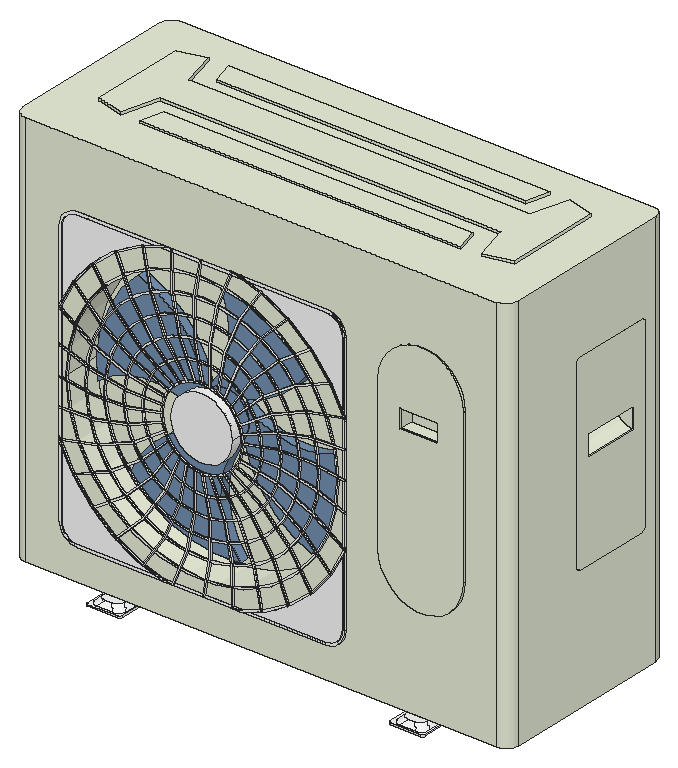
Revit family "ККБ REA I2 17,5 инвертор", category Оборудование, Revit 2022
Family settings
  Размер круглого соединителя = Использовать радиус
  Тип детали = Нормальный
  Номер OmniClass = 23.75.00.00
  Заголовок OmniClass = Climate Control (HVAC)
  На основе рабочей плоскости = Нет
  Всегда вертикально = Да
  При загрузке вырезать с полостями = Нет
  Сохранять ориентацию аннотаций = Нет
  Общий = Нет
  Точка принадлежности помещению = Нет
Parameters (values of type "ККБ REA I2 17,5 инвертор")
  Отметка по умолчанию = 0.000 mm
  clearance access right = 600.000 mm
  clearance access left = 300.000 mm
  clearance access front = 2000.000 mm
  clearance access behind = 300.000 mm
  clearance [instance] = no
  Width = 1040.000 mm
  Series = "CCU"
  Power supply = "220-240V 1Ph~50Hz/60Hz"
  Net Weight = 90.50 kg
  Группа модели = "ККБ REA I2 17,5 инвертор"
  Minimum Circuit Amps = 40 A
  Min cable selection (power wiring) = "3×6 mm2"
  Maximum Fuse Amps = 40 A
  Изготовитель = "WAER"  # constant formula
  Liquid pipe Radius = 0.5 * Liquid pipe  # 4.765 mm
  Liquid pipe = 9.530 mm
  Installation = "Outdoor installation"
  Height = 865.000 mm
  Heating Power Input = 5.57 kW
  Heating Capacity = 19.50 kW
  Gas pipe Radius = 0.5 * Gas pipe  # 9.550 mm
  Gas pipe = 19.100 mm
  Gas = "R410A"
  Описание = "High efficiency air cooled"
  Depth = 410.000 mm
  Cooling Power Input = 6.12 kW
  Cooling Capacity = 17.50 kW
  Condensation = "Air"
  Compressor = "1"
  Casing color = "SB2098"
  Air Flow = 5300.00 m³/h
Reference planes
  plane 1 "Center (Front/Back)": y = 0
  plane 2: z = 0
  plane 3 "Center (Left/Right)": x = 0
  plane 4: y = 221
  plane 5: y = -189
  plane 6: x = -520
  plane 7: x = 520
  plane 8: z = 406.5
  plane 9: z = 300.608
  plane 10: z = 840
Forms (mm)
  Extrusion 1, solid, material "Galvanized Steel", detail levels medium+fine
    sketch origin (-463, 0, 789) x (1, 0, 0) y (0, 1, 0)
      loop
        line (958, 221) -> (-32, 221)
        arc (-32, 221) -> (-49.678, 213.678) -> (-57, 196) r 25
        line (-57, 196) -> (-57, -164)
        arc (-57, -164) -> (-49.678, -181.678) -> (-32, -189) r 25
        line (-32, -189) -> (958, -189)
        arc (958, -189) -> (975.678, -181.678) -> (983, -164) r 25
        line (983, -164) -> (983, 196)
        arc (983, 196) -> (975.678, 213.678) -> (958, 221) r 25
    from -765 to 71
  Extrusion 2, void
    sketch origin (0, 0, 0) x (1, 0, 0) y (0, 0, 1)
      loop
        circle (-122.999, 406.499) r 286
    from 110.334 to 189
  Extrusion 3, solid, material "Galvanized Steel", detail levels fine
    sketch origin (0, 20, 0) x (1, 0, 0) y (0, 1, 0)
      loop
        line (-436.632, 111.286) -> (-436.632, -88.714) -> (-378.677, -104.243) -> (-357.971, -26.969) -> (0, -26.969) -> (357.971, -26.969) -> (378.677, -104.243) -> (436.632, -88.714) -> (436.632, 111.286) -> (378.677, 126.816) -> (357.971, 49.542) -> (0, 49.542) -> (-357.971, 49.542) -> (-378.677, 126.816) -> (-436.632, 111.286)
      loop
        line (-337.266, 126.816) -> (-324.511, 79.213) -> (0, 79.213) -> (324.511, 79.213) -> (337.266, 126.816) -> (0, 126.816) -> (-337.266, 126.816)
      loop
        line (-337.266, -106.816) -> (0, -106.816) -> (337.266, -106.816) -> (324.511, -59.213) -> (0, -59.213) -> (-324.511, -59.213) -> (-337.266, -106.816)
    from 860 to 865
  Extrusion 4, solid, material "Galvanized Steel", detail levels fine
    sketch origin (0, 5, 0) x (0, 1, 0) y (0, 0, 1)
      loop
        arc (-8.433, 685.069) -> (-15.504, 682.14) -> (-18.433, 675.069) r 10
        line (-18.433, 675.069) -> (-18.433, 295.069)
        arc (-18.433, 295.069) -> (-15.504, 287.998) -> (-8.433, 285.069) r 10
        line (-8.433, 285.069) -> (151.567, 285.069)
        arc (151.567, 285.069) -> (158.638, 287.998) -> (161.567, 295.069) r 10
        line (161.567, 295.069) -> (161.567, 675.069)
        arc (161.567, 675.069) -> (158.638, 682.14) -> (151.567, 685.069) r 10
        line (151.567, 685.069) -> (-8.433, 685.069)
    from 520 to 522
  Extrusion 5, solid, material "Galvanized Steel", detail levels fine
    sketch origin (-473, 221, 810) x (1, 0, 0) y (0, 0, -1)
      loop
        line (721.211, 499.033) -> (721.211, 179.033)
        arc (721.211, 179.033) -> (811.211, 89.033) -> (901.211, 179.033) r 90
        line (901.211, 179.033) -> (901.211, 499.033)
        arc (901.211, 499.033) -> (811.211, 589.033) -> (721.211, 499.033) r 90
    from -413 to -410
  Extrusion 6, void
    sketch origin (-438, -192, 810) x (1, 0, 0) y (0, 0, -1)
      loop
        line (731.52, 217.5) -> (811.52, 217.5) -> (811.52, 257.5) -> (731.52, 257.5) -> (731.52, 217.5)
    from 0 to 30.666
  Extrusion 7, void
    sketch origin (49, 0, 0) x (1, 0, 0) y (0, 0, 1)
      loop
        line (446.25, 532.035) -> (428.211, 532.035)
        arc (428.211, 532.035) -> (441.329, 500.364) -> (473, 487.246) r 44.789
        line (473, 487.246) -> (473, 532.035) -> (446.25, 532.035)
    from -137.024 to -16.461
  Extrusion 8, solid, material "Galvanized Steel"
    sketch origin (458, -189, 799) x (-1, 0, 0) y (0, 0, -1)
      loop
        circle (30.982, 736.541) r 4.765
    from -421 to -383.266
  Extrusion 9, solid, material "Galvanized Steel"
    sketch origin (458, -189, 829) x (-1, 0, 0) y (0, 0, -1)
      loop
        circle (30.982, 736.541) r 7.95
    from -421 to -383.266
Cuts and joins
  Extrusion 2, Extrusion 6, Extrusion 7 cuts Extrusion 1
  Extrusion 6 cuts Extrusion 5
  Extrusion 7 cuts Extrusion 4
Lines and regions (mm)
  model lines
    curve 1: line (-473, 221, 24) -> (-473, -139, 24)
    curve 2: line (473, 221, 24) -> (-473, 221, 24)
    curve 3: line (473, -139, 24) -> (473, 221, 24)
    curve 4: line (-473, -139, 24) -> (473, -139, 24)
    curve 5: line (520, 221, 838) -> (520, 221, 24)
    curve 6: line (-520, 221, 24) -> (-520, 221, 838)
    curve 7: line (520, -189, 838) -> (520, -189, 24)
    curve 8: line (-520, -189, 24) -> (-520, -189, 838)
    curve 9: line (520, -189, 860) -> (520, 221, 860)
    curve 10: line (520, 221, 860) -> (-520, 221, 860)
    curve 11: line (-520, 221, 860) -> (-520, -189, 860)
    curve 12: line (-520, -189, 860) -> (520, -189, 860)
Dimensions and locks
  aligned and locked: level to plane 2
Nested families
  nested 1: "xiaodijia2" at (318, 20, 0), type "xiaodijia2", detail levels medium+fine
  nested 2: "xiaodijia2" at (-318, 20, 0), type "xiaodijia2", detail levels medium+fine
  nested 3: "fengkou300（fangxing2）" at (-123, -191, 406.5) x (1, 0, 0) z (0, 1, 0), type "fengkou300（fangxing2）", detail levels medium+fine
  nested 4: "fengshan270" at (-122.996, -100, 406.5) x (0, 0, 1) z (0, -1, 0), type "fengshan270", detail levels fine
  nested 5: "service space" at (520, -189, 0), Height <- "Height", visible <- "clearance", type "Midea Service  Space"
    with Width 600.000 mm, Height 865.000 mm, Depth 410.000 mm
  nested 6: "service space" at (-820, -189, 0), Height <- "Height", visible <- "clearance", type "Midea Service  Space"
    with Width 300.000 mm, Height 865.000 mm, Depth 410.000 mm
  nested 7: "service space" at (-520, 221, 0), Height <- "Height", visible <- "clearance", type "Midea Service  Space"
    with Width 1040.000 mm, Height 865.000 mm, Depth 300.000 mm
  nested 8: "service space" at (-520, -2189, 0), Height <- "Height", visible <- "clearance", type "Midea Service  Space"
    with Width 1040.000 mm, Height 865.000 mm, Depth 2000.000 mm
Connectors
  electrical at (333.52, -192, 572.5)
    settings: on cut or joined group of Extrusion 5, Extrusion 6, index 1, voltage 220 V, apparent load 0 VA, apparent load phase1 0 VA, apparent load phase2 0 VA, apparent load phase3 0 VA, power factor 1, load classification "HVAC", number of poles 1, system type 30, power factor state 1, is connector primary yes, connector utility no, sub classification motor no, connector description ""
  piping at (427.018, 232, 62.459), diameter 9.53, driven by "Liquid pipe Radius"
    settings: on Extrusion 8, index 2, connector inside diameter 0.3752", connector length 0.000 mm, flow factor 0, pipe flow 0 GPM, pressure drop 0.00 psi, fitting loss kfactor 0, connector angle 0.00°, fixture units 0, engagement length 0.000 mm, angle of deflection 0.00°, flow configuration 0, flow direction 0, fitting loss method 0, system type 7, joint type 0, gender type 0, connector reference index -1, connector utility 0, adjustable connector no, is connector primary yes, connector description ""
  piping at (427.018, 232, 92.459), diameter 19.1, driven by "Gas pipe Radius"
    settings: on Extrusion 9, index 3, connector inside diameter 0.75197", connector length 0.000 mm, flow factor 0, pipe flow 0 GPM, pressure drop 0.00 psi, fitting loss kfactor 0, connector angle 0.00°, fixture units 0, engagement length 0.000 mm, angle of deflection 0.00°, flow configuration 0, flow direction 0, fitting loss method 0, system type 8, joint type 0, gender type 0, connector reference index -1, connector utility 0, adjustable connector no, is connector primary no, connector description ""
Definition of nested family "xiaodijia2"
  Parameters
    Default Elevation = 0.000 mm
  Reference planes
    plane 1 "Center (Front/Back)": y = 0
    plane 2: z = 0
    plane 3 "Center (Left/Right)": x = 0
    plane 4: y = 227
    plane 5: x = -36.5
    plane 6: x = 36.5
    plane 7: z = 12
    plane 8: z = 3
    plane 9: z = 24
    plane 10: y = -20
    plane 11: y = 20
    plane 12: x = 21.5
    plane 13: x = -21.5
    plane 14: y = 190
    plane 15: y = -190
    plane 16: x = -6
    plane 17: x = 6
    plane 18: y = -186
    plane 19: y = -194
  Forms (mm)
    Blend 1, solid
      base sketch origin (0, 0, 0) x (1, 0, 0) y (0, 1, 0)
        loop
          line (6.5, 212) -> (-6.5, 212)
          arc (-6.5, 212) -> (-17.107, 207.607) -> (-21.5, 197) r 15
          line (-21.5, 197) -> (-21.5, -197)
          arc (-21.5, -197) -> (-17.107, -207.607) -> (-6.5, -212) r 15
          line (-6.5, -212) -> (6.5, -212)
          arc (6.5, -212) -> (17.107, -207.607) -> (21.5, -197) r 15
          line (21.5, -197) -> (21.5, 197)
          arc (21.5, 197) -> (17.107, 207.607) -> (6.5, 212) r 15
      top sketch origin (0, 0, 0) x (1, 0, 0) y (0, 1, 0)
        loop
          line (26.5, 222) -> (-26.5, 222)
          arc (-26.5, 222) -> (-30.036, 220.536) -> (-31.5, 217) r 5
          line (-31.5, 217) -> (-31.5, -207)
          arc (-31.5, -207) -> (-27.107, -217.607) -> (-16.5, -222) r 15
          line (-16.5, -222) -> (16.5, -222)
          arc (16.5, -222) -> (27.107, -217.607) -> (31.5, -207) r 15
          line (31.5, -207) -> (31.5, 217)
          arc (31.5, 217) -> (30.036, 220.536) -> (26.5, 222) r 5
      from 12 to 3
    Blend 2, void
      base sketch origin (0, 0, 0) x (1, 0, 0) y (0, 1, 0)
        loop
          line (6.5, 202) -> (-6.5, 202)
          arc (-6.5, 202) -> (-10.036, 200.536) -> (-11.5, 197) r 5
          line (-11.5, 197) -> (-11.5, -197)
          arc (-11.5, -197) -> (-10.036, -200.536) -> (-6.5, -202) r 5
          line (-6.5, -202) -> (6.5, -202)
          arc (6.5, -202) -> (10.036, -200.536) -> (11.5, -197) r 5
          line (11.5, -197) -> (11.5, 197)
          arc (11.5, 197) -> (10.036, 200.536) -> (6.5, 202) r 5
      top sketch origin (0, 0, 0) x (1, 0, 0) y (0, 1, 0)
        loop
          line (31.5, -207) -> (31.5, 217)
          arc (31.5, 217) -> (30.036, 220.536) -> (26.5, 222) r 5
          line (26.5, 222) -> (-26.5, 222)
          arc (-26.5, 222) -> (-30.036, 220.536) -> (-31.5, 217) r 5
          line (-31.5, 217) -> (-31.5, -207)
          arc (-31.5, -207) -> (-27.107, -217.607) -> (-16.5, -222) r 15
          line (-16.5, -222) -> (16.5, -222)
          arc (16.5, -222) -> (27.107, -217.607) -> (31.5, -207) r 15
      from 8.355 to 3
    Extrusion 3, solid
      sketch origin (0, 0, 0) x (1, 0, 0) y (0, 1, 0)
        loop
          arc (-31.5, 227) -> (-35.036, 225.536) -> (-36.5, 222) r 5
          line (-36.5, 222) -> (-36.5, -222)
          arc (-36.5, -222) -> (-35.036, -225.536) -> (-31.5, -227) r 5
          line (-31.5, -227) -> (31.5, -227)
          arc (31.5, -227) -> (35.036, -225.536) -> (36.5, -222) r 5
          line (36.5, -222) -> (36.5, 222)
          arc (36.5, 222) -> (35.036, 225.536) -> (31.5, 227) r 5
          line (31.5, 227) -> (-31.5, 227)
        loop
          arc (-26.5, 222) -> (-30.036, 220.536) -> (-31.5, 217) r 5
          line (-31.5, 217) -> (-31.5, -207)
          arc (-31.5, -207) -> (-27.107, -217.607) -> (-16.5, -222) r 15
          line (-16.5, -222) -> (16.5, -222)
          arc (16.5, -222) -> (27.107, -217.607) -> (31.5, -207) r 15
          line (31.5, -207) -> (31.5, 217)
          arc (31.5, 217) -> (30.036, 220.536) -> (26.5, 222) r 5
          line (26.5, 222) -> (-26.5, 222)
      from 0 to 3
    Extrusion 4, solid
      sketch origin (0, 0, 0) x (0, 1, 0) y (0, 0, 1)
        loop
          arc (-19.275, 24) -> (-19.902, 23.667) -> (-20.264, 23.056) r 1.312
          line (-20.264, 23.056) -> (-22.833, 13.434)
          arc (-22.833, 13.434) -> (-23.437, 12.605) -> (-24.266, 12) r 3.318
          line (-24.266, 12) -> (24.266, 12)
          arc (24.266, 12) -> (23.437, 12.605) -> (22.833, 13.434) r 3.318
          line (22.833, 13.434) -> (20.264, 23.056)
          arc (20.264, 23.056) -> (19.902, 23.667) -> (19.275, 24) r 1.312
          line (19.275, 24) -> (-19.275, 24)
      from -21.5 to 21.5
    Extrusion 5, solid
      sketch origin (0, 150, 0) x (0, 1, 0) y (0, 0, 1)
        loop
          arc (-19.275, 24) -> (-19.902, 23.667) -> (-20.264, 23.056) r 1.312
          line (-20.264, 23.056) -> (-22.833, 13.434)
          arc (-22.833, 13.434) -> (-23.437, 12.605) -> (-24.266, 12) r 3.318
          line (-24.266, 12) -> (24.266, 12)
          arc (24.266, 12) -> (23.437, 12.605) -> (22.833, 13.434) r 3.318
          line (22.833, 13.434) -> (20.264, 23.056)
          arc (20.264, 23.056) -> (19.902, 23.667) -> (19.275, 24) r 1.312
          line (19.275, 24) -> (-19.275, 24)
      from -21.5 to 21.5
    Extrusion 6, solid
      sketch origin (0, -150, 0) x (0, 1, 0) y (0, 0, 1)
        loop
          arc (-19.275, 24) -> (-19.902, 23.667) -> (-20.264, 23.056) r 1.312
          line (-20.264, 23.056) -> (-22.833, 13.434)
          arc (-22.833, 13.434) -> (-23.437, 12.605) -> (-24.266, 12) r 3.318
          line (-24.266, 12) -> (24.266, 12)
          arc (24.266, 12) -> (23.437, 12.605) -> (22.833, 13.434) r 3.318
          line (22.833, 13.434) -> (20.264, 23.056)
          arc (20.264, 23.056) -> (19.902, 23.667) -> (19.275, 24) r 1.312
          line (19.275, 24) -> (-19.275, 24)
      from -21.5 to 21.5
    Extrusion 7, void
      sketch origin (0, 0, 0) x (1, 0, 0) y (0, 1, 0)
        loop
          arc (-6, -186) -> (-10, -190) -> (-6, -194) r 4
          line (-6, -194) -> (6, -194)
          arc (6, -194) -> (10, -190) -> (6, -186) r 4
          line (6, -186) -> (-6, -186)
        loop
          line (-6, 186) -> (6, 186)
          arc (6, 186) -> (10, 190) -> (6, 194) r 4
          line (6, 194) -> (-6, 194)
          arc (-6, 194) -> (-10, 190) -> (-6, 186) r 4
      from 0 to 20
  Cuts and joins
    Blend 2, Extrusion 7 cuts Blend 1
  Dimensions and locks
    aligned and locked: level to plane 2
Definition of nested family "fengkou300（fangxing2）"
  Parameters
    Default Elevation = 0.000 mm
    Series = ""
    Machine material = none
    Installation = ""
    Gas = ""
    Condensation = ""
  Reference planes
    plane 1 "Center (Front/Back)": y = 0
    plane 2: z = 0
    plane 3 "Center (Left/Right)": x = 0
    plane 4: y = 316
    plane 5: y = -316
    plane 6: x = -300
    plane 7: x = 300
    plane 8: through (306.104, -306.102, 1219.2) normal (-0.7071, -0.7071, 0)
    plane 9: through (-306.478, -306.479, 1219.2) normal (0.7071, -0.7071, 0)
  Forms (mm)
    Extrusion 1, solid, material <- "Machine material"
      sketch origin (0, 0, 0) x (1, 0, 0) y (0, 1, 0)
        loop
          arc (-260, 316) -> (-288.284, 304.284) -> (-300, 276) r 40
          line (-300, 276) -> (-300, -276)
          arc (-300, -276) -> (-288.284, -304.284) -> (-260, -316) r 40
          line (-260, -316) -> (260, -316)
          arc (260, -316) -> (288.284, -304.284) -> (300, -276) r 40
          line (300, -276) -> (300, 276)
          arc (300, 276) -> (288.284, 304.284) -> (260, 316) r 40
          line (260, 316) -> (-260, 316)
        loop
          line (260, 311) -> (-260, 311)
          arc (-260, 311) -> (-284.749, 300.749) -> (-295, 276) r 35
          line (-295, 276) -> (-295, -276)
          arc (-295, -276) -> (-284.749, -300.749) -> (-260, -311) r 35
          line (-260, -311) -> (260, -311)
          arc (260, -311) -> (284.749, -300.749) -> (295, -276) r 35
          line (295, -276) -> (295, 276)
          arc (295, 276) -> (284.749, 300.749) -> (260, 311) r 35
      from 0 to 10
    Extrusion 2, solid, material <- "Machine material"
      sketch origin (-1059.446, 0, 0) x (1, 0, 0) y (0, 1, 0)
        loop
          arc (1057.944, 325.999) -> (1075.678, 204.494) -> (1057.944, 82.989) r 425.111
          line (1057.944, 82.989) -> (1060.944, 82.989)
          arc (1060.944, 82.989) -> (1079.329, 204.494) -> (1060.944, 325.999) r 410.684
          line (1060.944, 325.999) -> (1057.944, 325.999)
        loop
          arc (1060.948, -325.999) -> (1043.214, -204.494) -> (1060.948, -82.989) r 425.111
          line (1060.948, -82.989) -> (1057.948, -82.989)
          arc (1057.948, -82.989) -> (1039.562, -204.494) -> (1057.948, -325.999) r 410.684
          line (1057.948, -325.999) -> (1060.948, -325.999)
        loop
          arc (1385.445, 1.502) -> (1263.939, -16.232) -> (1142.434, 1.502) r 425.111
          line (1142.434, 1.502) -> (1142.434, -1.498)
          arc (1142.434, -1.498) -> (1263.939, -19.884) -> (1385.445, -1.498) r 410.684
          line (1385.445, -1.498) -> (1385.445, 1.502)
        loop
          arc (733.447, -1.502) -> (854.952, 16.232) -> (976.457, -1.502) r 425.111
          line (976.457, -1.502) -> (976.457, 1.498)
          arc (976.457, 1.498) -> (854.952, 19.884) -> (733.447, 1.498) r 410.684
          line (733.447, 1.498) -> (733.447, -1.502)
        loop
          arc (1288.9, 231.578) -> (1215.522, 133.121) -> (1117.065, 59.744) r 425.111
          line (1117.065, 59.744) -> (1119.187, 57.623)
          arc (1119.187, 57.623) -> (1218.105, 130.539) -> (1291.021, 229.457) r 410.684
          line (1291.021, 229.457) -> (1288.9, 231.578)
        loop
          arc (829.992, -231.578) -> (903.369, -133.121) -> (1001.826, -59.744) r 425.111
          line (1001.826, -59.744) -> (999.705, -57.623)
          arc (999.705, -57.623) -> (900.787, -130.539) -> (827.871, -229.457) r 410.684
          line (827.871, -229.457) -> (829.992, -231.578)
        loop
          arc (1291.024, -229.454) -> (1192.567, -156.077) -> (1119.19, -57.62) r 425.111
          line (1119.19, -57.62) -> (1117.068, -59.741)
          arc (1117.068, -59.741) -> (1189.985, -158.659) -> (1288.903, -231.575) r 410.684
          line (1288.903, -231.575) -> (1291.024, -229.454)
        loop
          arc (827.868, 229.454) -> (926.325, 156.077) -> (999.702, 57.62) r 425.111
          line (999.702, 57.62) -> (1001.823, 59.741)
          arc (1001.823, 59.741) -> (928.907, 158.659) -> (829.989, 231.575) r 410.684
          line (829.989, 231.575) -> (827.868, 229.454)
        loop
          arc (1182.812, 301.758) -> (1152.699, 182.716) -> (1089.816, 77.246) r 425.111
          line (1089.816, 77.246) -> (1092.588, 76.098)
          arc (1092.588, 76.098) -> (1156.072, 181.318) -> (1185.584, 300.61) r 410.684
          line (1185.584, 300.61) -> (1182.812, 301.758)
        loop
          arc (936.079, -301.758) -> (966.193, -182.716) -> (1029.075, -77.246) r 425.111
          line (1029.075, -77.246) -> (1026.304, -76.098)
          arc (1026.304, -76.098) -> (962.819, -181.318) -> (933.308, -300.61) r 410.684
          line (933.308, -300.61) -> (936.079, -301.758)
        loop
          arc (1361.204, -123.366) -> (1242.162, -93.253) -> (1136.692, -30.371) r 425.111
          line (1136.692, -30.371) -> (1135.544, -33.142)
          arc (1135.544, -33.142) -> (1240.764, -96.626) -> (1360.056, -126.138) r 410.684
          line (1360.056, -126.138) -> (1361.204, -123.366)
        loop
          arc (757.687, 123.366) -> (876.73, 93.253) -> (982.199, 30.371) r 425.111
          line (982.199, 30.371) -> (983.347, 33.142)
          arc (983.347, 33.142) -> (878.127, 96.626) -> (758.835, 126.138) r 410.684
          line (758.835, 126.138) -> (757.687, 123.366)
        loop
          arc (1360.054, 126.142) -> (1254.585, 63.26) -> (1135.542, 33.146) r 425.111
          line (1135.542, 33.146) -> (1136.69, 30.375)
          arc (1136.69, 30.375) -> (1255.982, 59.886) -> (1361.203, 123.37) r 410.684
          line (1361.203, 123.37) -> (1360.054, 126.142)
        loop
          arc (758.837, -126.142) -> (864.307, -63.26) -> (983.349, -33.146) r 425.111
          line (983.349, -33.146) -> (982.201, -30.375)
          arc (982.201, -30.375) -> (862.909, -59.886) -> (757.689, -123.37) r 410.684
          line (757.689, -123.37) -> (758.837, -126.142)
        loop
          arc (1185.588, -300.609) -> (1122.706, -195.139) -> (1092.592, -76.097) r 425.111
          line (1092.592, -76.097) -> (1089.82, -77.245)
          arc (1089.82, -77.245) -> (1119.332, -196.537) -> (1182.816, -301.757) r 410.684
          line (1182.816, -301.757) -> (1185.588, -300.609)
        loop
          arc (933.304, 300.609) -> (996.186, 195.139) -> (1026.3, 76.097) r 425.111
          line (1026.3, 76.097) -> (1029.071, 77.245)
          arc (1029.071, 77.245) -> (999.56, 196.537) -> (936.075, 301.757) r 410.684
          line (936.075, 301.757) -> (933.304, 300.609)
        loop
          arc (1121.572, 320.028) -> (1115.261, 197.398) -> (1074.163, 81.687) r 425.111
          line (1074.163, 81.687) -> (1077.105, 81.102)
          arc (1077.105, 81.102) -> (1118.842, 196.685) -> (1124.514, 319.443) r 410.684
          line (1124.514, 319.443) -> (1121.572, 320.028)
        loop
          arc (997.32, -320.028) -> (1003.631, -197.398) -> (1044.729, -81.687) r 425.111
          line (1044.729, -81.687) -> (1041.786, -81.102)
          arc (1041.786, -81.102) -> (1000.049, -196.685) -> (994.378, -319.443) r 410.684
          line (994.378, -319.443) -> (997.32, -320.028)
        loop
          arc (1379.474, -62.126) -> (1256.843, -55.815) -> (1141.133, -14.717) r 425.111
          line (1141.133, -14.717) -> (1140.548, -17.659)
          arc (1140.548, -17.659) -> (1256.131, -59.396) -> (1378.888, -65.068) r 410.684
          line (1378.888, -65.068) -> (1379.474, -62.126)
        loop
          arc (739.418, 62.126) -> (862.048, 55.815) -> (977.759, 14.717) r 425.111
          line (977.759, 14.717) -> (978.344, 17.659)
          arc (978.344, 17.659) -> (862.761, 59.396) -> (740.003, 65.068) r 410.684
          line (740.003, 65.068) -> (739.418, 62.126)
        loop
          arc (1329.669, 182.364) -> (1238.494, 100.114) -> (1127.614, 47.355) r 425.111
          line (1127.614, 47.355) -> (1129.28, 44.861)
          arc (1129.28, 44.861) -> (1240.523, 97.078) -> (1331.336, 179.87) r 410.684
          line (1331.336, 179.87) -> (1329.669, 182.364)
        loop
          arc (789.222, -182.364) -> (880.397, -100.114) -> (991.278, -47.355) r 425.111
          line (991.278, -47.355) -> (989.611, -44.861)
          arc (989.611, -44.861) -> (878.369, -97.078) -> (787.556, -179.87) r 410.684
          line (787.556, -179.87) -> (789.222, -182.364)
        loop
          arc (1241.81, -270.223) -> (1159.56, -179.048) -> (1106.801, -68.168) r 425.111
          line (1106.801, -68.168) -> (1104.306, -69.835)
          arc (1104.306, -69.835) -> (1156.524, -181.077) -> (1239.316, -271.89) r 410.684
          line (1239.316, -271.89) -> (1241.81, -270.223)
        loop
          arc (877.082, 270.223) -> (959.332, 179.048) -> (1012.091, 68.168) r 425.111
          line (1012.091, 68.168) -> (1014.585, 69.835)
          arc (1014.585, 69.835) -> (962.368, 181.077) -> (879.576, 271.89) r 410.684
          line (879.576, 271.89) -> (877.082, 270.223)
        loop
          arc (1239.312, 271.893) -> (1186.553, 161.012) -> (1104.303, 69.837) r 425.111
          line (1104.303, 69.837) -> (1106.797, 68.17)
          arc (1106.797, 68.17) -> (1189.589, 158.984) -> (1241.806, 270.226) r 410.684
          line (1241.806, 270.226) -> (1239.312, 271.893)
        loop
          arc (879.58, -271.893) -> (932.339, -161.012) -> (1014.589, -69.837) r 425.111
          line (1014.589, -69.837) -> (1012.094, -68.17)
          arc (1012.094, -68.17) -> (929.303, -158.984) -> (877.085, -270.226) r 410.684
          line (877.085, -270.226) -> (879.58, -271.893)
        loop
          arc (1331.338, -179.866) -> (1220.458, -127.107) -> (1129.283, -44.857) r 425.111
          line (1129.283, -44.857) -> (1127.616, -47.351)
          arc (1127.616, -47.351) -> (1218.429, -130.143) -> (1329.672, -182.361) r 410.684
          line (1329.672, -182.361) -> (1331.338, -179.866)
        loop
          arc (787.553, 179.866) -> (898.434, 127.107) -> (989.609, 44.857) r 425.111
          line (989.609, 44.857) -> (991.275, 47.351)
          arc (991.275, 47.351) -> (900.462, 130.143) -> (789.22, 182.361) r 410.684
          line (789.22, 182.361) -> (787.553, 179.866)
        loop
          arc (1378.887, 65.072) -> (1263.177, 23.975) -> (1140.547, 17.664) r 425.111
          line (1140.547, 17.664) -> (1141.132, 14.721)
          arc (1141.132, 14.721) -> (1263.889, 20.393) -> (1379.473, 62.13) r 410.684
          line (1379.473, 62.13) -> (1378.887, 65.072)
        loop
          arc (740.004, -65.072) -> (855.715, -23.975) -> (978.345, -17.664) r 425.111
          line (978.345, -17.664) -> (977.76, -14.721)
          arc (977.76, -14.721) -> (855.002, -20.393) -> (739.419, -62.13) r 410.684
          line (739.419, -62.13) -> (740.004, -65.072)
        loop
          arc (1124.518, -319.442) -> (1083.42, -203.731) -> (1077.109, -81.101) r 425.111
          line (1077.109, -81.101) -> (1074.167, -81.686)
          arc (1074.167, -81.686) -> (1079.839, -204.444) -> (1121.576, -320.027) r 410.684
          line (1121.576, -320.027) -> (1124.518, -319.442)
        loop
          arc (994.373, 319.442) -> (1035.471, 203.731) -> (1041.782, 81.101) r 425.111
          line (1041.782, 81.101) -> (1044.725, 81.686)
          arc (1044.725, 81.686) -> (1039.053, 204.444) -> (997.316, 320.027) r 410.684
          line (997.316, 320.027) -> (994.373, 319.442)
      from 0 to 2
    Extrusion 3, solid, material <- "Machine material"
      sketch origin (-1059.446, 0, 0) x (1, 0, 0) y (0, 1, 0)
        loop
          circle (1059.448, 0) r 65
      from 0 to 20
    Extrusion 4, solid, material <- "Machine material"
      sketch origin (0, 0, 0) x (1, 0, 0) y (0, 1, 0)
        loop
          circle (0, 0.002) r 326
        loop
          circle (0, 0.002) r 323
        loop
          circle (0, 0.002) r 286
        loop
          circle (0, 0.002) r 283
        loop
          circle (0, 0.002) r 246
        loop
          circle (0, 0.002) r 243
        loop
          circle (0, 0.002) r 206
        loop
          circle (0, 0.002) r 203
        loop
          circle (0, 0.002) r 166
        loop
          circle (0, 0.002) r 163
        loop
          circle (0, 0.002) r 126
        loop
          circle (0, 0.002) r 123
        loop
          circle (0, 0.002) r 86
        loop
          circle (0, 0.002) r 83
      from 0 to 2
    Extrusion 5, void
      sketch origin (0, 0, 0) x (1, 0, 0) y (0, 1, 0)
        loop
          line (260, 316) -> (-260, 316)
          arc (-260, 316) -> (-288.284, 304.284) -> (-300, 276) r 40
          line (-300, 276) -> (-300, -276)
          arc (-300, -276) -> (-288.284, -304.284) -> (-260, -316) r 40
          line (-260, -316) -> (260, -316)
          arc (260, -316) -> (288.284, -304.284) -> (300, -276) r 40
          line (300, -276) -> (300, 276)
          arc (300, 276) -> (288.284, 304.284) -> (260, 316) r 40
        loop
          arc (-260, 416) -> (-358.995, 374.995) -> (-400, 276) r 140
          line (-400, 276) -> (-400, -276)
          arc (-400, -276) -> (-358.995, -374.995) -> (-260, -416) r 140
          line (-260, -416) -> (260, -416)
          arc (260, -416) -> (358.995, -374.995) -> (400, -276) r 140
          line (400, -276) -> (400, 276)
          arc (400, 276) -> (358.995, 374.995) -> (260, 416) r 140
          line (260, 416) -> (-260, 416)
      from 0 to 250
    Extrusion 6, solid, material <- "Machine material"
      sketch origin (0, 0, 0) x (1, 0, 0) y (0, 1, 0)
        loop
          line (-97.757, 311) -> (-260, 311)
          arc (-260, 311) -> (-284.749, 300.749) -> (-295, 276) r 35
          line (-295, 276) -> (-295, 138.75)
          arc (-295, 138.75) -> (-214.434, 245.551) -> (-97.757, 311) r 326
        loop
          arc (-295, -276) -> (-284.749, -300.749) -> (-260, -311) r 35
          line (-260, -311) -> (-97.743, -311)
          arc (-97.743, -311) -> (-214.429, -245.551) -> (-295, -138.746) r 326
          line (-295, -138.746) -> (-295, -276)
        loop
          arc (260, -311) -> (284.749, -300.749) -> (295, -276) r 35
          line (295, -276) -> (295, -138.746)
          arc (295, -138.746) -> (214.429, -245.551) -> (97.743, -311) r 326
          line (97.743, -311) -> (260, -311)
        loop
          arc (295, 276) -> (284.749, 300.749) -> (260, 311) r 35
          line (260, 311) -> (97.757, 311)
          arc (97.757, 311) -> (214.434, 245.551) -> (295, 138.75) r 326
          line (295, 138.75) -> (295, 276)
      from 0 to 2
  Cuts and joins
    Extrusion 5 cuts Extrusion 1
    Extrusion 5 cuts Extrusion 2
    Extrusion 5 cuts Extrusion 4
  Dimensions and locks
    aligned and locked: level to plane 2
Definition of nested family "fengshan270"
  Parameters
    Default Elevation = 0.000 mm
  Reference planes
    plane 1 "Center (Front/Back)": y = 0
    plane 2: z = 0
    plane 3 "Center (Left/Right)": x = 0
  Forms (mm)
    Extrusion 1, solid
      sketch origin (0, 0, 0) x (1, 0, 0) y (0, 1, 0)
        loop
          circle (0, 0) r 50
      from 0 to 30
    Extrusion 2, solid
      sketch origin (-20, 0, 0) x (0, -1, 0) y (1, 0, 0)
        loop
          arc (32.105, 288.084) -> (-94.042, 273.093) -> (-199.371, 202.075) r 270
          arc (-199.371, 202.075) -> (-134.798, 110.882) -> (-35, 60.622) r 231.205
          arc (-35, 60.622) -> (0, 70) -> (35, 60.622) r 70
          arc (35, 60.622) -> (-8.793, 173.814) -> (32.105, 288.084) r 173.918
      from 0 to 30
    Extrusion 3, solid
      sketch origin (20, 0, 0) x (0, 1, 0) y (-1, 0, 0)
        loop
          arc (32.105, 288.084) -> (-94.042, 273.093) -> (-199.371, 202.075) r 270
          arc (-199.371, 202.075) -> (-134.798, 110.882) -> (-35, 60.622) r 231.205
          arc (-35, 60.622) -> (0, 70) -> (35, 60.622) r 70
          arc (35, 60.622) -> (-8.793, 173.814) -> (32.105, 288.084) r 173.918
      from 0 to 30
    Extrusion 4, solid
      sketch origin (0, 0, 0) x (1, 0, 0) y (0, 1, 0)
        loop
          arc (32.105, 268.084) -> (-94.042, 253.093) -> (-199.371, 182.075) r 270
          arc (-199.371, 182.075) -> (-134.798, 90.882) -> (-35, 40.622) r 231.205
          arc (-35, 40.622) -> (0, 50) -> (35, 40.622) r 70
          arc (35, 40.622) -> (-8.793, 153.814) -> (32.105, 268.084) r 173.918
        loop
          arc (199.371, -182.075) -> (134.798, -90.882) -> (35, -40.622) r 231.205
          arc (35, -40.622) -> (0, -50) -> (-35, -40.622) r 70
          arc (-35, -40.622) -> (8.793, -153.814) -> (-32.105, -268.084) r 173.918
          arc (-32.105, -268.084) -> (94.042, -253.093) -> (199.371, -182.075) r 270
      from 0 to 30
  Dimensions and locks
    aligned and locked: level to plane 2
Definition of nested family "service space"
  Parameters
    Default Elevation = 0.000 mm
    Width [instance] = 500.000 mm
    Height [instance] = 500.000 mm
    Depth [instance] = 500.000 mm
  Reference planes
    plane 1 "Center (Front/Back)": y = 0
    plane 2: z = 0
    plane 3 "Center (Left/Right)": x = 0
    plane 4: z = 500
    plane 5: y = 500
    plane 6: x = 500
  Forms (mm)
    Extrusion 1, solid
      sketch origin (0, 0, 0) x (1, 0, 0) y (0, 1, 0)
        loop
          line (0, 500) -> (0, 0) -> (500, 0) -> (500, 500) -> (0, 500)
      from 0 to 500
  Dimensions and locks
    "Width": plane 3 "Center (Left/Right)" to plane 6
    "Depth": plane 5 to plane 1 "Center (Front/Back)"
    "Height": level to plane 4
    aligned and locked: level to plane 2
    aligned and locked: plane 5 to Extrusion 1
    aligned and locked: Extrusion 1 to plane 6
    aligned and locked: Extrusion 1 to plane 3 "Center (Left/Right)"
    aligned and locked: plane 1 "Center (Front/Back)" to Extrusion 1
    aligned and locked: Extrusion 1 to plane 4
  Automatic sketch dimensions
    Extrusion 1 sketch curve to plane 3 "Center (Left/Right)" = 0.000 mm
    plane 1 "Center (Front/Back)" to Extrusion 1 sketch curve = 0.000 mm
    Extrusion 1 sketch curve to plane 6 = 0.000 mm
    Extrusion 1 sketch curve to plane 5 = 0.000 mm
